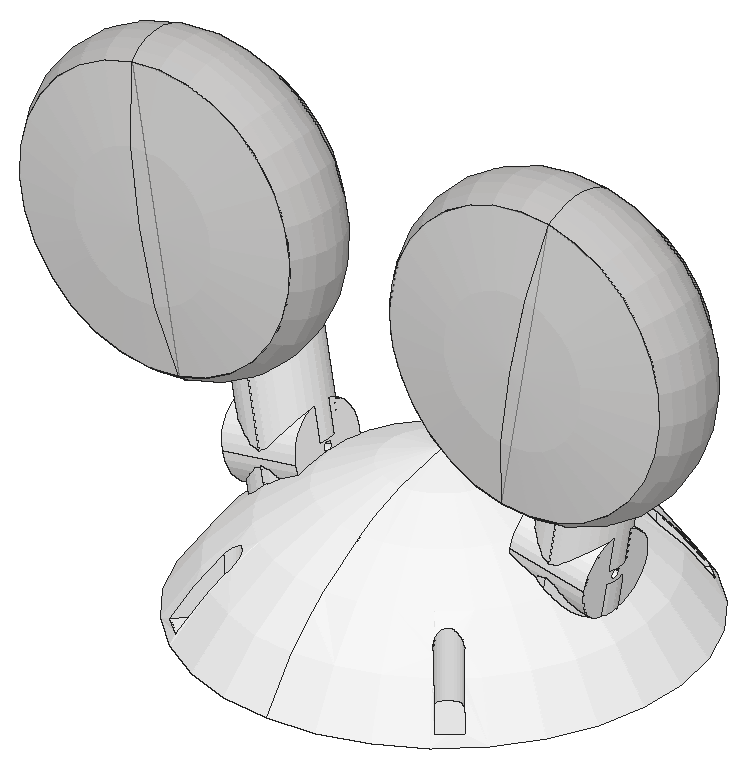
Revit family "CORD", category Lighting Fixtures, host Face, Revit 2021
Family settings
  Host = Face
  Round Connector Dimension = Use Diameter
  Part Type = Normal
  OmniClass Number = 23.80.70.11.11
  OmniClass Title = General Luminaries, Non Directional
  Cut with Voids When Loaded = No
  Light Source = No
  Shared = No
  Room Calculation Point = No
Parameters (values of type "CORD")
  Wattage Comments = "1W"
  Warranty = "2 year full unit warranty"
  URL = "www.currentlighting.com/compass"
  Type Comments = "Light Fixture"  # constant formula
  Steel = Metal-Galvanized_Steel
  Product Page URL = ""
  Product Doucumentation Link = ""
  Photometric Note = "For more photometric file please find the above link"
  Model = "CORD"
  Manufacturer = "Compass Products"  # constant formula
  Lamp = "LED"
  Certification = "UL924 Damp Listed, NFPA 101 and NFPA 70"
  Glass = Glass - White
  Features = "Single or double remote heads with base plate\r\nFully gasketed, waterproof construction\r\nLED life-cycle of more than 10 years\r\nQuick installation\r\nFully adjustable lamp-heads"  # constant formula
  Description = "The COR Series LED Outdoor Remote offers energy efficient LEDs in an attractive single or double-head remote. Lamp-heads are fully adjustable and gasketed for outdoor operation"
  Default Elevation = 48.00"
  Copyrights = "Compass Products"  # constant formula
  Contact Us = ""
  Body = Paint - Matte White
  Apparent Load = 1 VA
Reference planes (in)
  plane 1 "Center (Front/Back)": y = 0
  plane 2: z = 0
  plane 3 "Center (Left/Right)": x = 0
  plane 4: x = -3.35
  plane 5: x = 3.35
  plane 6: y = 2.3
  plane 7: y = -2.3
  plane 8: z = 2.6
  plane 9: y = 2.32113
  plane 10: y = -2.27887
  plane 11: z = 2.6
Forms (in)
  Revolve 1, solid, material "Paint - Matte White" <- "Body"
    sketch origin (0.0436, -4.33535, 4.35661) x (0, 0, -1) y (0, 1, 0)
      loop
        line (4.35654, 4.35654) -> (2.87484, 4.35654)
        arc (2.87484, 4.35654) -> (3.36172, 3.06426) -> (4.35654, 2.10647) r 3.13555
        line (4.35654, 2.10647) -> (4.35654, 4.35654)
      axis (2.87484, 4.35654) -> (4.35654, 4.35654)
    angle from 0 to 360
  Extrusion 2, void
    sketch origin (0.0436, 0.02113, 0) x (1, 0, 0) y (0, 1, 0)
      loop
        line (-1.53987, 1.64068) -> (-1.22063, 1.26023)
        arc (-1.22063, 1.26023) -> (-1.04453, 1.24482) -> (-1.02912, 1.42093) r 0.125
        line (-1.02912, 1.42093) -> (-1.34836, 1.80138)
        arc (-1.34836, 1.80138) -> (-1.44635, 1.72369) -> (-1.53987, 1.64068) r 2.25007
      loop
        arc (1.53987, 1.64068) -> (1.44635, 1.72369) -> (1.34836, 1.80138) r 2.25007
        line (1.34836, 1.80138) -> (1.02912, 1.42093)
        arc (1.02912, 1.42093) -> (1.04453, 1.24482) -> (1.22063, 1.26023) r 0.125
        line (1.22063, 1.26023) -> (1.53987, 1.64068)
      loop
        arc (-1.53987, -1.64068) -> (-1.44635, -1.72369) -> (-1.34836, -1.80138) r 2.25007
        line (-1.34836, -1.80138) -> (-1.02912, -1.42093)
        arc (-1.02912, -1.42093) -> (-1.04453, -1.24482) -> (-1.22063, -1.26023) r 0.125
        line (-1.22063, -1.26023) -> (-1.53987, -1.64068)
      loop
        line (1.53987, -1.64068) -> (1.22063, -1.26023)
        arc (1.22063, -1.26023) -> (1.04453, -1.24482) -> (1.02912, -1.42093) r 0.125
        line (1.02912, -1.42093) -> (1.34836, -1.80138)
        arc (1.34836, -1.80138) -> (1.44635, -1.72369) -> (1.53987, -1.64068) r 2.25007
    from 0.09155 to 0.89496
Cuts and joins
  Extrusion 2 cuts Revolve 1
Dimensions and locks (in)
  plane 8 to level = 2.60"
  plane 6 to plane 7 = 4.60"
  plane 7 to plane 6 = 4.60"
  aligned and locked: plane 2 to host face
  aligned and locked: level to host face
Nested families (in)
  nested 1: "ies" at (-1.68691, -0.01509, -0.32285), type "Family1"
  nested 2: "ies" at (1.68691, -0.01509, -0.32285) x (-1, 0, 0) z (0, 0, 1), type "Family1"
Connectors (in)
  electrical at (0.0436, 0.02119, 0.00007)
    settings: on cut or joined group of Revolve 1, Extrusion 2, index 1, voltage 120 V, apparent load 3 VA, apparent load phase1 0 VA, apparent load phase2 0 VA, apparent load phase3 0 VA, power factor 0.9, load classification "Other", number of poles 1, system type 30, power factor state 1, is connector primary yes, connector utility no, sub classification motor no, connector description "Lighting Connector"
Definition of nested family "ies"
  Parameters (values of type "Family1")
    Wattage = 1 W
    built-in parameter 1150110 = 1 (stored number, unit not read)
    built-in parameter 1114217 = 1 (stored number, unit not read)
    Tilt Angle = 0.00°
    built-in parameter 1150109 = 1 (stored number, unit not read)
    built-in parameter 1150134 = 3
    built-in parameter 1150113 = 1 (stored number, unit not read)
    Steel = none
    Photometric Web File = "compass_led.ies"
    built-in parameter 1150105 = 11.821 (stored number, unit not read)
    Lumens = 148.542 lm
    built-in parameter 1150115 = 1 (stored number, unit not read)
    built-in parameter 1150137 = (empty or 0)
    built-in parameter 1150139 = (empty or 0)
    built-in parameter 1150112 = 1 (stored number, unit not read)
    built-in parameter 1150114 = 1 (stored number, unit not read)
    built-in parameter 1150132 = (empty or 0)
    built-in parameter 1150102 = (empty or 0)
    built-in parameter 1150107 = 3200 (stored number, unit not read)
    built-in parameter 1150138 = (empty or 0)
    built-in parameter 1150106 = 0.11821 (stored number, unit not read)
    Glass = none
    built-in parameter 1150104 = 13.8 (stored number, unit not read)
    Dimming Lamp Color Temperature Shift = (empty or 0)
    Default Elevation = 48.00"
    Color Filter = 16777215
    Body = none
    built-in parameter 1114218 = 1 (stored number, unit not read)
    built-in parameter 1150133 = 10 (stored number, unit not read)
  Reference planes (in)
    plane 1 "Center (Front/Back)": y = 0
    plane 2: z = 0
    plane 3 "Center (Left/Right)": x = 0
  Forms (in)
    Extrusion 1, solid
      sketch origin (0, 0, 0) x (1, 0, 0) y (0, 1, 0)
        loop
          line (-48, 48) -> (-48, -48) -> (48, -48) -> (48, 48) -> (-48, 48)
      from 0 to -12
    Revolve 2, solid, material <- "Steel"
      sketch origin (-0.19415, 1.18303, 3.75249) x (-0.173648, 0, 0.984808) y (0, -1, 0)
        loop
          arc (-1.37379, 2.40407) -> (-1.51046, 2.02907) -> (-1.37379, 1.65407) r 0.58282
          arc (-1.37379, 1.65407) -> (-0.75563, 1.12511) -> (0, 0.82354) r 2.49103
          line (0, 0.82354) -> (0, 2.40407) -> (-1.37379, 2.40407)
        axis (0, 2.40407) -> (0, 0.82354)
      angle from 0 to 360
    Revolve 3, solid, material <- "Glass"
      sketch origin (-0.19415, 1.18303, 3.75249) x (-0.173648, 0, 0.984808) y (0, -1, 0)
        loop
          line (0, 2.40407) -> (0, 2.6)
          arc (0, 2.6) -> (-0.69581, 2.56058) -> (-1.37493, 2.40407) r 4.10653
          line (-1.37493, 2.40407) -> (0, 2.40407)
        axis (0, 2.6) -> (0, 2.40407)
      angle from 0 to 360
    Revolve 4, solid, material <- "Body"
      sketch origin (0.70991, -0.02325, -1.3747) x (0, 1, 0) y (-0.173648, 0, 0.984808)
        loop
          arc (-0.39452, 1.37492) -> (-0.19852, 1.43113) -> (0, 1.47769) r 4.17071
          line (0, 1.47769) -> (0, 2.39836)
          arc (0, 2.39836) -> (-0.25967, 2.48596) -> (-0.39452, 2.72453) r 0.38342
          line (-0.39452, 2.72453) -> (-0.39452, 1.37492)
        axis (0, 2.72453) -> (0, 1.37492)
      angle from 0 to 360
    Extrusion 5, solid, material <- "Body"
      sketch origin (0.70991, -0.02325, -1.3747) x (0, 1, 0) y (-0.173648, 0, 0.984808)
        loop
          circle (0, 2.79049) r 0.4
        loop
          circle (0, 2.79049) r 0.04727
      from -0.37955 to 0.38293
    Revolve 6, solid, material <- "Body"
      sketch origin (0.39469, -0.02325, 0.41305) x (0, 1, 0) y (-0.173648, 0, 0.984808)
        loop
          arc (-0.39452, 1.04113) -> (-0.25847, 1.28044) -> (0, 1.37516) r 0.4
          line (0, 1.37516) -> (0, 3.4479) -> (-0.39452, 3.4479) -> (-0.39452, 1.04113)
        axis (0, 3.4479) -> (0, 1.04113)
      angle from 0 to 360
  Dimensions and locks (in)
    aligned and locked: plane 2 to Extrusion 1
    aligned and locked: level to Extrusion 1
